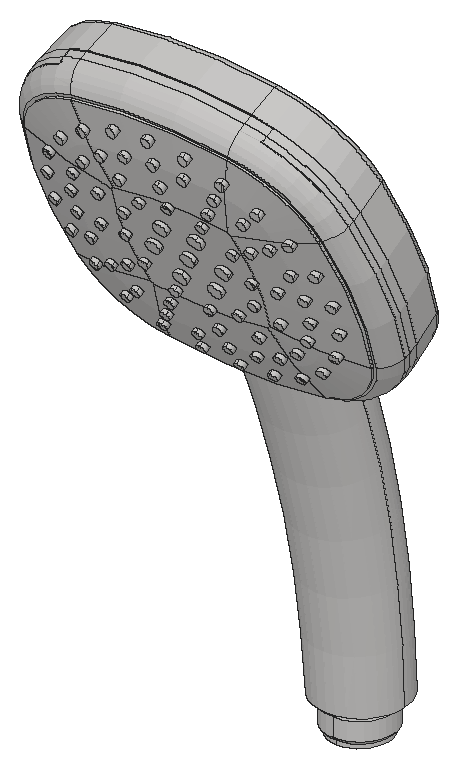
Revit family "Grohe_SingleShower_27574003", category Plumbing Fixtures, host Face, Revit 2020
Family settings
  Host = Face
  Round Connector Dimension = Use Diameter
  Part Type = Normal
  OmniClass Number = 23.45.05.00
  OmniClass Title = Sanitary Equipment
  Cut with Voids When Loaded = No
  Shared = No
  Room Calculation Point = No
Parameters (values of type "Single Shower (27574003)")
  _ObjectUserGuide = "https://www.bimstore.co/products/grohe-27574003/document/object-user-guide"
  _DistributedBy = "https://www.bimstore.co/"
  _CurrentRevision = 1
  _CreatedBy = "https://www.bimstore.co/"
  _BimSpecGuid = 0
  _BSBibleVersion = 17
  _AuthorizedBy = "bimstore"
  _Author = "RL 168"
  WarrantyStartDate [instance] = "Please Record on Commissioning"
  WarrantyGuarantorParts = "info-uk@grohe.com"
  WarrantyGuarantorLabor = "info-uk@grohe.com"
  WarrantyDurationUnit = "Years"
  WarrantyDurationParts = "0"
  WarrantyDurationLabor = "0"
  WarrantyDescription = "n/a"
  URL = "https://www.grohe.co.uk/en_gb/-27574003.html"
  TypeName = "Single Shower"
  Type Comments = "Single Shower"
  TPIDocumentLink = "n/a"
  SustainabilityReport = "green.grohe.com/reporting"
  SustainabilityAward = "green.grohe.com/awards"
  SpareParts = "info-uk@grohe.com"
  Size = "n/a"
  Shape = "n/a"
  SerialNumber [instance] = "Please Record on Commissioning"
  ReplacementCost = "n/a"
  ReferencedStandard = "n/a"
  ProductionYear = "2134"
  ProductType = "Single Shower"
  ProductShortText = "n/a"
  ProductNumber = "27574003"
  ProductDescription = "n/a"
  PrimaryMaterial = Grohe_Chrome
  PQDiagramLink = "n/a"
  NominalLength = 0 mm
  NominalHeight = 0 mm
  NominalDepth = 0 mm
  NBSReference = "45-35-70/330"
  NBSOfficeMasterTag = "n/a"
  NBSObjectName = "Grohe - Shower fittings package"
  NBSNote = "n/a"
  NBSDescription = "Shower fittings package"
  ModelReference = "Single Shower"
  ModelNumber = "27574003"
  Model = "Single Shower"
  Material = "n/a"
  ManufacturerName = "Grohe"
  Manufacturer = "Grohe"
  Keynote = "N124"
  InstallationVideo = "n/a"
  InstallationDate [instance] = "Please Record on Commissioning"
  IfcExportType = "IfcPipeFittingType"
  IfcExportAs = "IfcPipeFitting"
  Grade = "n/a"
  GROHESustainability = "green.grohe.com"
  GROHESocialCommittment = "green.grohe.com/social_engagement"
  FullRecyclabilityOfPlastic = "All plastic components are fully recycable"
  Finish = "n/a"
  Features = "n/a"
  ExpectedLife = 0
  Ecojoy = no
  EF025094 = "0"
  EF025080 = "TRUE"
  EF024050 = "false"
  EF023686 = "not applicable"
  EF023440 = "false"
  EF022377 = "false"
  EF022224 = "false"
  EF022042 = "Z"
  EF021042 = "false"
  EF021041 = "110"
  EF021040 = "3"
  EF021039 = "true"
  EF021038 = ""
  EF015313 = "not applicable"
  EF002671 = "Chrome"
  EF002616 = "false"
  EF002169 = "Plastic"
  EF001707 = "70 °C"
  EF000653 = "true"
  DurationUnit = "Years"
  DocumentationTechnical = "https://www.bimstore.co/products/grohe-27574003/document/technical-data-sheet"
  DocumentationMaintenance = "https://www.bimstore.co/products/grohe-27574003/document/maintenance-information"
  DocumentationLiterature = "https://www.bimstore.co/products/grohe-27574003/document/product-literature"
  DocumentationInstallationGuide = "https://www.bimstore.co/products/grohe-27574003/document/installation-guide"
  DocumentationCertificates = "https://www.bimstore.co/products/grohe-27574003/document/product-certificates"
  DimensionsDocumentLink = "https://cdn.cloud.grohe.com/dimdraw/100000/100000/100000/100200/100260/100265/100265423/1280/100265423.jpg"
  Description = "Single Shower"
  Default Elevation = 0 mm
  CreatedOn = "2023-09-01T:09:00:00"
  CreatedBy = "info-uk@grohe.com"
  CradleToCradleCertification = "n/a"
  Cost = 0
  Constituents = "n/a"
  Color = "Chrome"
  CodePerformance = "n/a"
  ClassificationValue = "Pr_40_20_87_75"
  ClassificationName = "Uniclass2015"
  CO2NeutralProduction = "GROHE is one of the first leading manufacturer within the sanitary industry having a CO2-neutral production."
  BarCode [instance] = "Please Record on Commissioning"
  BIMObjectName = "Grohe_SingleShower_27574003"
  AssetType = "Fixed"
  AssetIdentifier [instance] = "n/a"
  Assembly Code = "D2121"
  AccessibilityPerformance = "n/a"
Reference planes
  plane 1 "Center (Front/Back)": y = 0
  plane 2: z = 0
  plane 3 "Center (Left/Right)": x = 0
  plane 4: through (0, 624.26, 95.99) normal (0, -0.2075, 0.9782)
  plane 5: through (0, 638.035, 112.404) normal (0, -0.9782, -0.2075)
  plane 6: through (0, 621.666, 108.218) normal (0, -0.2075, 0.9782)
  plane 7: through (0, 627.684, 79.85) normal (0, -0.2075, 0.9782)
  plane 8: through (0, 622.278, 101.192) normal (0, -0.2075, 0.9782)
Forms (mm)
  Extrusion 1, solid, material "Grohe_Chrome" <- "PrimaryMaterial"
    sketch origin (0, -30.481, 120.394) x (0, 0.422618, -0.906308) y (-1, 0, 0)
      loop
        circle (-54.865, 0) r 2.2
      loop
        circle (-54.865, 11) r 2.2
      loop
        circle (-54.865, 20) r 1.5
      loop
        circle (-54.865, 28) r 1.5
      loop
        circle (-64.183, 34.773) r 1.5
      loop
        circle (-66.254, 42.501) r 1.5
      loop
        circle (-54.865, -11) r 2.2
      loop
        circle (-54.865, -20) r 1.5
      loop
        circle (-54.865, -28) r 1.5
      loop
        circle (-45.548, -34.773) r 1.5
      loop
        circle (-43.477, -42.501) r 1.5
      loop
        circle (-64.392, 5.5) r 2.2
      loop
        circle (-72.186, 10) r 1.5
      loop
        circle (-79.114, 14) r 1.5
      loop
        circle (-89.639, 9.317) r 1.5
      loop
        circle (-97.366, 11.388) r 1.5
      loop
        circle (-45.339, -5.5) r 2.2
      loop
        circle (-37.545, -10) r 1.5
      loop
        circle (-30.617, -14) r 1.5
      loop
        circle (-20.092, -9.317) r 1.5
      loop
        circle (-12.365, -11.388) r 1.5
      loop
        circle (-64.392, -5.5) r 2.2
      loop
        circle (-72.186, -10) r 1.5
      loop
        circle (-79.114, -14) r 1.5
      loop
        circle (-80.321, -25.456) r 1.5
      loop
        circle (-85.978, -31.113) r 1.5
      loop
        circle (-45.339, 5.5) r 2.2
      loop
        circle (-37.545, 10) r 1.5
      loop
        circle (-30.617, 14) r 1.5
      loop
        circle (-29.41, 25.456) r 1.5
      loop
        circle (-23.753, 31.113) r 1.5
      loop
        circle (-74.865, 0) r 1.5
      loop
        circle (-82.865, 0) r 1.5
      loop
        circle (-89.639, -9.317) r 1.5
      loop
        circle (-97.366, -11.388) r 1.5
      loop
        circle (-34.865, 0) r 1.5
      loop
        circle (-26.865, 0) r 1.5
      loop
        circle (-20.092, 9.317) r 1.5
      loop
        circle (-12.365, 11.388) r 1.5
      loop
        circle (-64.865, -17.321) r 1.5
      loop
        circle (-68.865, -24.249) r 1.5
      loop
        circle (-64.183, -34.773) r 1.5
      loop
        circle (-66.254, -42.501) r 1.5
      loop
        circle (-44.865, 17.321) r 1.5
      loop
        circle (-40.865, 24.249) r 1.5
      loop
        circle (-45.548, 34.773) r 1.5
      loop
        circle (-43.477, 42.501) r 1.5
      loop
        circle (-64.865, 17.321) r 1.5
      loop
        circle (-68.865, 24.249) r 1.5
      loop
        circle (-80.321, 25.456) r 1.5
      loop
        circle (-85.978, 31.113) r 1.5
      loop
        circle (-44.865, -17.321) r 1.5
      loop
        circle (-40.865, -24.249) r 1.5
      loop
        circle (-29.41, -25.456) r 1.5
      loop
        circle (-23.753, -31.113) r 1.5
      loop
        circle (-54.865, 36) r 1.5
      loop
        circle (-54.865, 44) r 1.5
      loop
        circle (-54.865, -36) r 1.5
      loop
        circle (-54.865, -44) r 1.5
      loop
        circle (-86.042, 18) r 1.5
      loop
        circle (-92.971, 22) r 1.5
      loop
        circle (-23.689, -18) r 1.5
      loop
        circle (-16.76, -22) r 1.5
      loop
        circle (-86.042, -18) r 1.5
      loop
        circle (-92.971, -22) r 1.5
      loop
        circle (-23.689, 18) r 1.5
      loop
        circle (-16.76, 22) r 1.5
      loop
        circle (-90.865, 0) r 1.5
      loop
        circle (-98.865, 0) r 1.5
      loop
        circle (-18.865, 0) r 1.5
      loop
        circle (-10.865, 0) r 1.5
      loop
        circle (-72.865, -31.177) r 1.5
      loop
        circle (-76.865, -38.105) r 1.5
      loop
        circle (-36.865, 31.177) r 1.5
      loop
        circle (-32.865, 38.105) r 1.5
      loop
        circle (-72.865, 31.177) r 1.5
      loop
        circle (-76.865, 38.105) r 1.5
      loop
        circle (-36.865, -31.177) r 1.5
      loop
        circle (-32.865, -38.105) r 1.5
    from -20 to 0
  Revolve 2, solid, material "Grohe_Chrome" <- "PrimaryMaterial"
    sketch origin (0, -0.249, 0.439) x (0, 1, 0) y (0, 0, 1)
      loop
        arc (-9.533, 129.314) -> (-11.755, 136.378) -> (-14.588, 143.22) r 84.481
        line (-14.588, 143.22) -> (-22.947, 139.322) -> (-16.718, 125.963) -> (-9.533, 129.314)
      axis (-22.947, 139.322) -> (-14.588, 143.22)
    angle from 0 to 360
  Extrusion 3, solid, material "Grohe_Chrome" <- "PrimaryMaterial"
    sketch origin (0, -36.215, 117.238) x (0, 0.422618, -0.906308) y (-1, 0, 0)
      loop
        line (-8.899, -2.114) -> (-3.869, -2.114)
        arc (-3.869, -2.114) -> (-1.755, 0) -> (-3.869, 2.114) r 2.114
        line (-3.869, 2.114) -> (-8.899, 2.114)
        arc (-8.899, 2.114) -> (-11.013, 0) -> (-8.899, -2.114) r 2.114
    from 21.318 to 32.784
  Revolve 4, solid, material "Grohe_Chrome" <- "PrimaryMaterial"
    sketch origin (0, 0, 0) x (0, 1, 0) y (0, 0, 1)
      loop
        line (0, 0) -> (9.212, 0) -> (9.212, 1.202) -> (10.487, 2.477) -> (10.487, 8.302) -> (9.11, 8.302) -> (9.11, 14.749) -> (0, 14.712) -> (0, 0)
      axis (0, 14.749) -> (0, 0)
    angle from 0 to 360
  Sweep 5, solid, material "Grohe_Chrome" <- "PrimaryMaterial"
    path origin (0, -35.967, 116.799) x (0, 0.422618, -0.906308) y (-1, 0, 0)
      loop
        arc (-107.343, 26.011) -> (-110.42, 0) -> (-107.343, -26.011) r 111.472
        arc (-107.343, -26.011) -> (-98.058, -42.593) -> (-81.476, -51.878) r 35
        arc (-81.476, -51.878) -> (-55.465, -54.955) -> (-29.455, -51.878) r 111.472
        arc (-29.455, -51.878) -> (-12.873, -42.593) -> (-3.588, -26.011) r 35
        arc (-3.588, -26.011) -> (-0.511, 0) -> (-3.588, 26.011) r 111.472
        arc (-3.588, 26.011) -> (-12.873, 42.593) -> (-29.455, 51.878) r 35
        arc (-29.455, 51.878) -> (-55.465, 54.955) -> (-81.476, 51.878) r 111.472
        arc (-81.476, 51.878) -> (-98.058, 42.593) -> (-107.343, 26.011) r 35
    profile origin (0, -82.632, 216.874) x (0, 0.422618, -0.906308) y (0, 0.906308, 0.422618)
      loop
        line (34, 1.691) -> (34, 25.744)
        arc (34, 25.744) -> (17.527, 23.821) -> (1.94, 18.154) r 71.503
        arc (1.94, 18.154) -> (1.231, 17.559) -> (0.866, 16.709) r 2
        arc (0.866, 16.709) -> (0.217, 11.719) -> (0, 6.691) r 58.37
        line (0, 6.691) -> (0, 3.691)
        arc (0, 3.691) -> (0.054, 2.685) -> (0.214, 1.691) r 9.474
        line (0.214, 1.691) -> (34, 1.691)
  Extrusion 6, solid, material "Grohe_Chrome" <- "PrimaryMaterial"
    sketch origin (0, -35.967, 116.799) x (0, 0.422618, -0.906308) y (-1, 0, 0)
      loop
        arc (-37.388, 18.816) -> (-55.465, 20.955) -> (-73.543, 18.816) r 77.472
        arc (-73.543, 18.816) -> (-74.017, 18.551) -> (-74.282, 18.077) r 1
        arc (-74.282, 18.077) -> (-76.42, 0) -> (-74.282, -18.077) r 77.472
        arc (-74.282, -18.077) -> (-74.017, -18.551) -> (-73.543, -18.816) r 1
        arc (-73.543, -18.816) -> (-55.465, -20.955) -> (-37.388, -18.816) r 77.472
        arc (-37.388, -18.816) -> (-36.914, -18.551) -> (-36.649, -18.077) r 1
        arc (-36.649, -18.077) -> (-34.511, 0) -> (-36.649, 18.077) r 77.472
        arc (-36.649, 18.077) -> (-36.914, 18.551) -> (-37.388, 18.816) r 1
    from 1.691 to 25.744
  Sweep 7, solid, material "Grohe_Chrome" <- "PrimaryMaterial"
    path origin (0, -35.967, 116.799) x (0, 0.422618, -0.906308) y (-1, 0, 0)
      loop
        arc (-107.343, 26.011) -> (-110.42, 0) -> (-107.343, -26.011) r 111.472
        arc (-107.343, -26.011) -> (-98.058, -42.593) -> (-81.476, -51.878) r 35
        arc (-81.476, -51.878) -> (-55.465, -54.955) -> (-29.455, -51.878) r 111.472
        arc (-29.455, -51.878) -> (-12.873, -42.593) -> (-3.588, -26.011) r 35
        arc (-3.588, -26.011) -> (-0.511, 0) -> (-3.588, 26.011) r 111.472
        arc (-3.588, 26.011) -> (-12.873, 42.593) -> (-29.455, 51.878) r 35
        arc (-29.455, 51.878) -> (-55.465, 54.955) -> (-81.476, 51.878) r 111.472
        arc (-81.476, 51.878) -> (-98.058, 42.593) -> (-107.343, 26.011) r 35
    profile origin (0, -82.632, 216.874) x (0, 0.422618, -0.906308) y (0, 0.906308, 0.422618)
      loop
        arc (0, 3.691) -> (1.19, -0.907) -> (4.462, -4.349) r 9.474
        line (4.462, -4.349) -> (5.462, -4.349) -> (5.462, -5.149)
        arc (5.462, -5.149) -> (19.638, -7.589) -> (34, -8.406) r 126.653
        line (34, -8.406) -> (34, 6.491) -> (0, 6.491) -> (0, 3.691)
  Extrusion 8, solid, material "Grohe_Chrome" <- "PrimaryMaterial"
    sketch origin (0, -35.967, 116.799) x (0, 0.422618, -0.906308) y (-1, 0, 0)
      loop
        arc (-37.388, 18.816) -> (-55.465, 20.955) -> (-73.543, 18.816) r 77.472
        arc (-73.543, 18.816) -> (-74.017, 18.551) -> (-74.282, 18.077) r 1
        arc (-74.282, 18.077) -> (-76.42, 0) -> (-74.282, -18.077) r 77.472
        arc (-74.282, -18.077) -> (-74.017, -18.551) -> (-73.543, -18.816) r 1
        arc (-73.543, -18.816) -> (-55.465, -20.955) -> (-37.388, -18.816) r 77.472
        arc (-37.388, -18.816) -> (-36.914, -18.551) -> (-36.649, -18.077) r 1
        arc (-36.649, -18.077) -> (-34.511, 0) -> (-36.649, 18.077) r 77.472
        arc (-36.649, 18.077) -> (-36.914, 18.551) -> (-37.388, 18.816) r 1
    from -8.406 to 1.691
  Extrusion 9, void
    sketch origin (0, 0, 0) x (0, 1, 0) y (0, 0, 1)
      loop
        line (-74.538, 214.875) -> (-77.964, 222.221) -> (-82.314, 220.192) -> (-78.889, 212.847) -> (-74.538, 214.875)
    from -60 to 60
  Extrusion 10, void
    sketch origin (0, 0, 0) x (0, 1, 0) y (0, 0, 1)
      loop
        line (-74.538, 214.875) -> (-78.889, 212.847) -> (-34.106, 116.809) -> (-29.755, 118.837) -> (-74.538, 214.875)
    from -60 to 60
  Sweep 11, void
    path origin (0, -35.967, 116.799) x (0, 0.422618, -0.906308) y (-1, 0, 0)
      loop
        arc (-107.343, 26.011) -> (-110.42, 0) -> (-107.343, -26.011) r 111.472
        arc (-107.343, -26.011) -> (-98.058, -42.593) -> (-81.476, -51.878) r 35
        arc (-81.476, -51.878) -> (-55.465, -54.955) -> (-29.455, -51.878) r 111.472
        arc (-29.455, -51.878) -> (-12.873, -42.593) -> (-3.588, -26.011) r 35
        arc (-3.588, -26.011) -> (-0.511, 0) -> (-3.588, 26.011) r 111.472
        arc (-3.588, 26.011) -> (-12.873, 42.593) -> (-29.455, 51.878) r 35
        arc (-29.455, 51.878) -> (-55.465, 54.955) -> (-81.476, 51.878) r 111.472
        arc (-81.476, 51.878) -> (-98.058, 42.593) -> (-107.343, 26.011) r 35
    profile origin (0, -82.632, 216.874) x (0, 0.422618, -0.906308) y (0, 0.906308, 0.422618)
      loop
        line (3.533, -13.509) -> (34, -13.509) -> (34, -9.806)
        arc (34, -9.806) -> (18.656, -8.883) -> (3.533, -6.129) r 128.053
        line (3.533, -6.129) -> (3.533, -13.509)
  Extrusion 12, void
    sketch origin (0, -35.967, 116.799) x (0, 0.422618, -0.906308) y (-1, 0, 0)
      loop
        arc (-37.388, 18.816) -> (-55.465, 20.955) -> (-73.543, 18.816) r 77.472
        arc (-73.543, 18.816) -> (-74.017, 18.551) -> (-74.282, 18.077) r 1
        arc (-74.282, 18.077) -> (-76.42, 0) -> (-74.282, -18.077) r 77.472
        arc (-74.282, -18.077) -> (-74.017, -18.551) -> (-73.543, -18.816) r 1
        arc (-73.543, -18.816) -> (-55.465, -20.955) -> (-37.388, -18.816) r 77.472
        arc (-37.388, -18.816) -> (-36.914, -18.551) -> (-36.649, -18.077) r 1
        arc (-36.649, -18.077) -> (-34.511, 0) -> (-36.649, 18.077) r 77.472
        arc (-36.649, 18.077) -> (-36.914, 18.551) -> (-37.388, 18.816) r 1
    from -13.509 to -9.806
  SweptBlend 13, solid, material "Grohe_Chrome" <- "PrimaryMaterial"
    path origin (0, 0, 0) x (0, 1, 0) y (0, 0, 1)
      loop
        arc (-29.066, 160.489) -> (1.13, 88.717) -> (13.967, 11.918) r 335.48
    profile origin (0, -29.066, 160.489) x (0, 0.870513, 0.492146) y (1, 0, 0)
      loop
        spline (-13.5, -18) -> (-10.006, -17.387) -> (-6.75, -15.588) -> (-3.954, -12.728) -> (-1.809, -9) -> (-0.46, -4.659) -> (0, 0) -> (-0.46, 4.659) -> (-1.809, 9) -> (-3.954, 12.728) -> (-6.75, 15.588) -> (-10.006, 17.387) -> (-13.5, 18)
        spline (-13.5, 18) -> (-16.994, 17.387) -> (-20.25, 15.588) -> (-23.046, 12.728) -> (-25.191, 9) -> (-26.54, 4.659) -> (-27, 0) -> (-26.54, -4.659) -> (-25.191, -9) -> (-23.046, -12.728) -> (-20.25, -15.588) -> (-16.994, -17.387) -> (-13.5, -18)
    end profile origin (0, 13.967, 11.918) x (0, 0.998785, 0.049284) y (1, 0, 0)
      loop
        spline (-13.5, 14) -> (-16.994, 13.523) -> (-20.25, 12.124) -> (-23.046, 9.899) -> (-25.191, 7) -> (-26.54, 3.623) -> (-27, 0) -> (-26.54, -3.623) -> (-25.191, -7) -> (-23.046, -9.899) -> (-20.25, -12.124) -> (-16.994, -13.523) -> (-13.5, -14)
        spline (-13.5, -14) -> (-10.006, -13.523) -> (-6.75, -12.124) -> (-3.954, -9.899) -> (-1.809, -7) -> (-0.46, -3.623) -> (0, 0) -> (-0.46, 3.623) -> (-1.809, 7) -> (-3.954, 9.899) -> (-6.75, 12.124) -> (-10.006, 13.523) -> (-13.5, 14)
Cuts and joins
  Extrusion 9 cuts Sweep 5
  joined: Sweep 5, Extrusion 6
  Extrusion 10 cuts Sweep 7
  joined: Sweep 7, Extrusion 8
  Sweep 11, Extrusion 12 cuts Extrusion 1
Lines and regions (mm)
  reference lines
    curve 1: arc (0, -29.066, 160.489) -> (0, 1.13, 88.717) -> (0, 13.967, 11.918) r 335.48
Dimensions and locks
  aligned and locked: plane 2 to host face
  aligned and locked: level to host face
